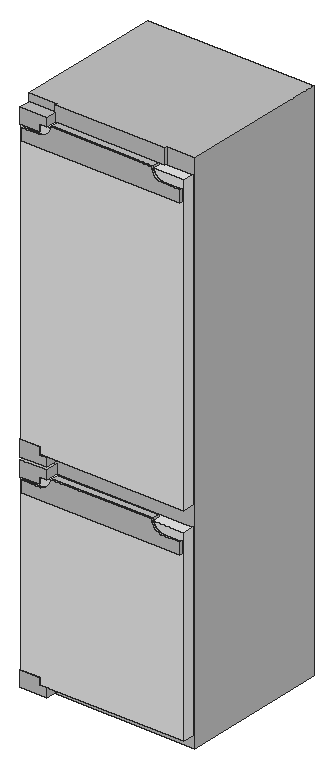
Revit family "FP_Revit_18_RB2470BLV1_Fridge_90001121A", category Specialty Equipment, Revit 2018
Family settings
  Round Connector Dimension = Use Diameter
  Part Type = Normal
  OmniClass Number = 23.40.40.11.11.17
  OmniClass Title = Refrigerator-Freezer
  Work Plane-Based = No
  Always vertical = Yes
  Cut with Voids When Loaded = Yes
  Shared = No
  Room Calculation Point = No
Parameters
  Visibility - Clearance Required = yes
  URL = "www.fisherpaykel.com"
  Stainless Steel Door Panels (RD2470BL) = no
  Product - Width = 555 mm  # constant formula
  Product - Height = 1773 mm  # constant formula
  Product - Depth = 540 mm  # constant formula
  Model = "RB2470BLV1"
  Material - Door Structure = Fisher & Paykel - White
  Material - Door Front = Fisher & Paykel - Stainless Steel
  Material - Body = Fisher & Paykel - Grey
  Manufacturer = "Fisher & Paykel Appliances"
  Handle Style - Contemporary Square (AHD3RD70B) = no
  Handle Style - Contemporary Round (AHSRD70B) = no
  Handle Offset (R=39mm - L=516mm) = 516 mm  # constant formula
  Floor Offset 18mm = 18 mm  # constant formula
  Description = "24\" Integrated Refrigerator Freezer"
  Connector Description - Electrical = "120 V, 60Hz, 10 A, fused electrical supply"
  Chassis - Width = 790 mm  # constant formula
  Chassis - Height = 1662 mm  # constant formula
  Chassis - Depth = 560 mm  # constant formula
  Cavity - Width (564mm - 570mm) = 570 mm  # constant formula
  Cavity - Height (1782mm to 1786mm) = 1786 mm
  Cavity - Depth = 550 mm  # constant formula
Reference planes
  plane 1 "Center (Front/Back)": y = 0
  plane 2: z = 0
  plane 3 "Center (Left/Right)": x = 0
  plane 4 "Product LHS": x = -277.5
  plane 5 "Product RHS": x = 277.5
  plane 6 "Cavity LHS": x = -285
  plane 7 "Cavity RHS": x = 285
  plane 8 "Cavity - Depth": y = 550
  plane 9 "Handle Offset": x = 238.5
  plane 10 "Product - Depth": y = 540
  plane 11 "Product - Height": z = 1791
  plane 12 "Cavity - Height": z = 1804
  plane 13 "Floor Offset 18mm": z = 18
  plane 14 "Door Panel 18mm": y = -18
Forms (mm)
  Extrusion 1, solid, material "Fisher & Paykel - Grey" <- "Material - Body"
    sketch origin (0, 0, 0) x (1, 0, 0) y (0, 0, 1)
      loop
        circle (237.542, 69) r 5
    from -560 to -540
  Extrusion 2, solid, material "Fisher & Paykel - Clearance Required", visible <- "Visibility - Clearance Required", detail levels coarse
    sketch origin (0, 0, 0) x (1, 0, 0) y (0, 1, 0)
      loop
        line (-285, 550) -> (-285, 0) -> (285, 0) -> (285, 550) -> (-285, 550)
    from 18 to 1804
  Extrusion 3, solid, material "Fisher & Paykel - Clearance Required", visible <- "Visibility - Clearance Required", detail levels coarse
    sketch origin (0, 0, 0) x (1, 0, 0) y (0, 1, 0)
      loop
        line (-301.5, -18) -> (-426.339, -607.936)
        arc (-426.339, -607.936) -> (78.191, -486.448) -> (301.5, -18) r 603
        line (301.5, -18) -> (-301.5, -18)
    from 0 to 1823
  Extrusion 4, solid, material "Fisher & Paykel - Grey" <- "Material - Body"
    sketch origin (0, 0, 0) x (1, 0, 0) y (0, 0, 1)
      loop
        line (-184, 1768) -> (-273.072, 1768) -> (-273.072, 1716.938) -> (-209, 1716.938) -> (-209, 1740) -> (-184, 1740) -> (-184, 1768)
      loop
        line (-184, 712) -> (-273.072, 712) -> (-273.072, 660.938) -> (-209, 660.938) -> (-209, 684) -> (-184, 684) -> (-184, 712)
      loop
        line (-184, 722) -> (-184, 750) -> (-209, 750) -> (-209, 773.062) -> (-273.072, 773.062) -> (-273.072, 722) -> (-184, 722)
      loop
        line (-184, 31) -> (-184, 59) -> (-209, 59) -> (-209, 82.062) -> (-273.072, 82.062) -> (-273.072, 31) -> (-184, 31)
    from -43 to -3
  Extrusion 5, solid, material "Fisher & Paykel - White" <- "Material - Door Structure"
    sketch origin (0, 0, 0) x (1, 0, 0) y (0, 0, 1)
      loop
        line (-209, 1740) -> (-209, 1716.938) -> (-273.072, 1716.938) -> (-273.072, 773.062) -> (-209, 773.062) -> (-209, 750) -> (273.072, 750) -> (273.072, 1740) -> (-209, 1740)
      loop
        line (-209, 684) -> (-209, 660.938) -> (-273.072, 660.938) -> (-273.072, 82.062) -> (-209, 82.062) -> (-209, 59) -> (273.072, 59) -> (273.072, 684) -> (-209, 684)
    from -43 to -6
  Extrusion 6, solid, material "Fisher & Paykel - Grey" <- "Material - Body"
    sketch origin (0, 0, 0) x (1, 0, 0) y (0, 0, 1)
      loop
        line (-264, 1672.5) -> (264, 1672.5) -> (264, 1711.484) -> (200.848, 1711.484)
        arc (200.848, 1711.484) -> (180.337, 1721.414) -> (169, 1741.183) r 38.602
        line (169, 1741.183) -> (169, 1746.6) -> (-169, 1746.6) -> (-169, 1741.183)
        arc (-169, 1741.183) -> (-180.337, 1721.414) -> (-200.848, 1711.484) r 38.602
        line (-200.848, 1711.484) -> (-264, 1711.484) -> (-264, 1672.5)
      loop
        line (-264, 616.5) -> (264, 616.5) -> (264, 655.484) -> (200.848, 655.484)
        arc (200.848, 655.484) -> (180.337, 665.413) -> (169, 685.183) r 38.602
        line (169, 685.183) -> (169, 690.6) -> (-169, 690.6) -> (-169, 685.183)
        arc (-169, 685.183) -> (-180.337, 665.413) -> (-200.848, 655.484) r 38.602
        line (-200.848, 655.484) -> (-264, 655.484) -> (-264, 616.5)
    from -6 to 0
  Extrusion 7, solid, material "Fisher & Paykel - Grey" <- "Material - Body"
    sketch origin (0, 0, 0) x (0, 1, 0) y (0, 0, 1)
      loop
        line (6, 690.6) -> (6, 684) -> (27.955, 684) -> (27.955, 690.6) -> (6, 690.6)
      loop
        line (6, 1746.6) -> (6, 1740) -> (27.955, 1740) -> (27.955, 1746.6) -> (6, 1746.6)
    from -169.035 to 169.035
  Extrusion 8, solid, material "Fisher & Paykel - Grey" <- "Material - Body"
    sketch origin (0, 0, 0) x (1, 0, 0) y (0, 0, 1)
      loop
        line (-184, 1791) -> (-184, 1740) -> (184, 1740) -> (184, 1791) -> (-184, 1791)
    from -43 to -37
  Extrusion 9, solid, material "Fisher & Paykel - Stainless Steel" <- "Material - Door Front", visible <- "Stainless Steel Door Panels (RD2470BL)"
    sketch origin (0, 0, 0) x (1, 0, 0) y (0, 0, 1)
      loop
        arc (-297.5, 1820) -> (-302.45, 1817.95) -> (-304.5, 1813) r 7
        line (-304.5, 1813) -> (-304.5, 729)
        arc (-304.5, 729) -> (-302.45, 724.05) -> (-297.5, 722) r 7
        line (-297.5, 722) -> (291.5, 722)
        arc (291.5, 722) -> (296.45, 724.05) -> (298.5, 729) r 7
        line (298.5, 729) -> (298.5, 1813)
        arc (298.5, 1813) -> (296.45, 1817.95) -> (291.5, 1820) r 7
        line (291.5, 1820) -> (-297.5, 1820)
      loop
        arc (-297.5, 719) -> (-302.45, 716.95) -> (-304.5, 712) r 7
        line (-304.5, 712) -> (-304.5, 10)
        arc (-304.5, 10) -> (-302.45, 5.05) -> (-297.5, 3) r 7
        line (-297.5, 3) -> (291.5, 3)
        arc (291.5, 3) -> (296.45, 5.05) -> (298.5, 10) r 7
        line (298.5, 10) -> (298.5, 712)
        arc (298.5, 712) -> (296.45, 716.95) -> (291.5, 719) r 7
        line (291.5, 719) -> (-297.5, 719)
    from 0 to 18
  Extrusion 10, solid, material "Fisher & Paykel - Grey" <- "Material - Body"
    sketch origin (0, 0, 0) x (1, 0, 0) y (0, 1, 0)
      loop
        line (-277.5, 540) -> (-277.5, 43) -> (277.5, 43) -> (277.5, 540) -> (-277.5, 540)
    from 23 to 1791
  Extrusion 11, solid, material "Fisher & Paykel - Grey" <- "Material - Body"
    sketch origin (0, 0, 0) x (1, 0, 0) y (0, 1, 0)
      loop
        line (-272.5, 72) -> (-272.5, 53) -> (-242.5, 53) -> (-242.5, 72) -> (-272.5, 72)
      loop
        line (256.5, 496) -> (230.5, 496) -> (230.5, 414) -> (256.5, 414) -> (256.5, 496)
      loop
        line (272.5, 72) -> (242.5, 72) -> (242.5, 53) -> (272.5, 53) -> (272.5, 72)
      loop
        line (-256.5, 496) -> (-256.5, 414) -> (-230.5, 414) -> (-230.5, 496) -> (-256.5, 496)
    from 18 to 23
  Extrusion 12, void
    sketch origin (0, 0, 0) x (1, 0, 0) y (0, 1, 0)
      loop
        line (-285, 550) -> (-285, 0) -> (285, 0) -> (285, 550) -> (-285, 550)
    from 18 to 1804
Cuts and joins
  joined: Extrusion 8, Extrusion 10
Lines and regions (mm)
  model lines, style "Fisher & Paykel"
    curve 1: line (-297.5, 0, 1820) -> (291.5, 0, 1820)
    curve 2: line (-304.5, 0, 729) -> (-304.5, 0, 1813)
    curve 3: line (291.5, 0, 722) -> (-297.5, 0, 722)
    curve 4: line (298.5, 0, 1813) -> (298.5, 0, 729)
    curve 5: line (291.5, 0, 719) -> (-297.5, 0, 719)
    curve 6: line (298.5, 0, 10) -> (298.5, 0, 712)
    curve 7: line (-297.5, 0, 3) -> (291.5, 0, 3)
    curve 8: line (-304.5, 0, 712) -> (-304.5, 0, 10)
    curve 9: arc (-297.5, 0, 1820) -> (-302.45, 0, 1817.95) -> (-304.5, 0, 1813) r 7
    curve 10: arc (291.5, 0, 1820) -> (296.45, 0, 1817.95) -> (298.5, 0, 1813) r 7
    curve 11: arc (291.5, 0, 722) -> (296.45, 0, 724.05) -> (298.5, 0, 729) r 7
    curve 12: arc (298.5, 0, 712) -> (296.45, 0, 716.95) -> (291.5, 0, 719) r 7
    curve 13: arc (-297.5, 0, 719) -> (-302.45, 0, 716.95) -> (-304.5, 0, 712) r 7
    curve 14: arc (-304.5, 0, 729) -> (-302.45, 0, 724.05) -> (-297.5, 0, 722) r 7
    curve 15: arc (-304.5, 0, 10) -> (-302.45, 0, 5.05) -> (-297.5, 0, 3) r 7
    curve 16: arc (298.5, 0, 10) -> (296.45, 0, 5.05) -> (291.5, 0, 3) r 7
Text (mm)
  text "Due to ongoing product development, product details are subject to change without notice. \nPlease always refer to www.fisherpaykel.com for the most current product information. \n© Fisher & Paykel 2020" at (41.04, -623.295, 0), in view "Ref. Level (Plan)"
Dimensions and locks
  equal spacing: plane 4 "Product LHS", plane 3 "Center (Left/Right)", plane 5 "Product RHS"
  "Product - Width": plane 4 "Product LHS" to plane 5 "Product RHS"
  equal spacing: plane 6 "Cavity LHS", plane 3 "Center (Left/Right)", plane 7 "Cavity RHS"
  "Cavity - Width (564mm - 570mm)": plane 6 "Cavity LHS" to plane 7 "Cavity RHS"
  Extrusion 1 sketch curve to plane 5 "Product RHS" = 39.958 mm
  locked: Extrusion 9 to Extrusion 9 at 1098
  locked: Extrusion 9 to Extrusion 9 at 716
  locked: Extrusion 9 to level at 3
  locked: Extrusion 9 to Extrusion 9 at 3
  Extrusion 9 to level = 1820 mm
  locked: Extrusion 9 to Extrusion 9 at 603
  "Handle Offset (R=39mm - L=516mm)": plane 4 "Product LHS" to plane 9 "Handle Offset"
  "Floor Offset 18mm": plane 13 "Floor Offset 18mm" to level
  "Product - Height": plane 11 "Product - Height" to plane 13 "Floor Offset 18mm"
  "Cavity - Height (1782mm to 1786mm)": plane 12 "Cavity - Height" to plane 13 "Floor Offset 18mm"
  "Cavity - Depth": plane 8 "Cavity - Depth" to plane 1 "Center (Front/Back)"
  "Product - Depth": plane 10 "Product - Depth" to plane 1 "Center (Front/Back)"
  locked: plane 3 "Center (Left/Right)" to Extrusion 11 sketch curve at 230.5
  Extrusion 11 sketch curve to plane 3 "Center (Left/Right)" to Extrusion 11 sketch curve = 242.5 mm locked, 242.5 mm locked
  Extrusion 11 sketch curve to plane 3 "Center (Left/Right)" to Extrusion 11 sketch curve = 272.5 mm locked, 272.5 mm locked
  locked: Extrusion 11 sketch curve to Extrusion 11 sketch curve at 26  (x2)
  locked: Extrusion 11 sketch curve to Extrusion 11 sketch curve at 513
  locked: Extrusion 3 to Extrusion 9 at 3
  radius of Extrusion 1 sketch curve = 5 mm
  aligned and locked: level to plane 2
  aligned and locked: Extrusion 10 sketch curve to plane 4 "Product LHS"
  aligned and locked: Extrusion 10 sketch curve to plane 5 "Product RHS"
  aligned and locked: Extrusion 10 sketch curve to Extrusion 5
  aligned and locked: plane 10 "Product - Depth" to Extrusion 10
  aligned and locked: nested 2 to plane 9 "Handle Offset"
  aligned and locked: nested 1 to plane 9 "Handle Offset"
  aligned and locked: plane 11 "Product - Height" to Extrusion 10
Automatic sketch dimensions
  curve 8 to plane 13 "Floor Offset 18mm" = 8 mm
  plane 6 "Cavity LHS" to curve 8 = 19.5 mm
  curve 2 to curve 8 = 0 mm
  curve 9 to curve 1 = 7 mm
  curve 13 to curve 5 = 7 mm
  curve 8 to curve 15 = 7 mm
  curve 14 to curve 14 = 7 mm
  curve 3 to plane 7 "Cavity RHS" = 6.5 mm
  curve 1 to plane 7 "Cavity RHS" = 6.5 mm
  curve 12 to plane 7 "Cavity RHS" = 6.5 mm
  curve 16 to plane 7 "Cavity RHS" = 6.5 mm
  curve 12 to curve 6 = 7 mm
  curve 11 to curve 4 = 7 mm
  plane 13 "Floor Offset 18mm" to curve 8 = 694 mm
  curve 5 to curve 3 = 3 mm
  plane 12 "Cavity - Height" to curve 4 = 9 mm
  plane 13 "Floor Offset 18mm" to Extrusion 1 sketch curve = 51 mm
  plane 1 "Center (Front/Back)" to Extrusion 2 sketch curve = 0 mm
  Extrusion 2 sketch curve to plane 6 "Cavity LHS" = 0 mm
  Extrusion 2 sketch curve to plane 7 "Cavity RHS" = 0 mm
  Extrusion 2 sketch curve to plane 8 "Cavity - Depth" = 0 mm
  Extrusion 3 sketch curve to plane 14 "Door Panel 18mm" = 0 mm
  plane 6 "Cavity LHS" to Extrusion 3 sketch curve = 141.339 mm
  plane 6 "Cavity LHS" to Extrusion 3 sketch curve = 16.5 mm
  Extrusion 3 sketch curve to Extrusion 3 sketch curve = 0 mm
  Extrusion 3 sketch curve to plane 7 "Cavity RHS" = 16.5 mm
  Extrusion 4 sketch curve to plane 4 "Product LHS" = 4.428 mm  (x4)
  Extrusion 4 sketch curve to Extrusion 4 sketch curve = 64.072 mm  (x3)
  Extrusion 4 sketch curve to Extrusion 4 sketch curve = 0 mm  (x2)
  Extrusion 4 sketch curve to Extrusion 4 sketch curve = 25 mm  (x3)
  plane 13 "Floor Offset 18mm" to Extrusion 4 sketch curve = 13 mm
  Extrusion 4 sketch curve to Extrusion 4 sketch curve = 28 mm  (x3)
  Extrusion 4 sketch curve to Extrusion 4 sketch curve = 23.062 mm  (x3)
  Extrusion 4 sketch curve to Extrusion 4 sketch curve = 578.875 mm
  Extrusion 4 sketch curve to Extrusion 4 sketch curve = 10 mm
  Extrusion 4 sketch curve to Extrusion 4 sketch curve = 51.062 mm
  Extrusion 4 sketch curve to plane 11 "Product - Height" = 74.062 mm
  Extrusion 4 sketch curve to plane 11 "Product - Height" = 23 mm
  Extrusion 5 sketch curve to plane 4 "Product LHS" = 4.428 mm  (x2)
  Extrusion 5 sketch curve to Extrusion 5 sketch curve = 64.072 mm  (x4)
  plane 5 "Product RHS" to Extrusion 5 sketch curve = 4.428 mm  (x2)
  plane 13 "Floor Offset 18mm" to Extrusion 5 sketch curve = 41 mm
  plane 13 "Floor Offset 18mm" to Extrusion 5 sketch curve = 64.062 mm
  Extrusion 5 sketch curve to Extrusion 5 sketch curve = 578.875 mm
  Extrusion 5 sketch curve to Extrusion 5 sketch curve = 23.062 mm  (x2)
  Extrusion 5 sketch curve to Extrusion 5 sketch curve = 66 mm
  Extrusion 5 sketch curve to plane 11 "Product - Height" = 74.062 mm
  Extrusion 5 sketch curve to plane 11 "Product - Height" = 51 mm
  Extrusion 6 sketch curve to plane 4 "Product LHS" = 13.5 mm  (x2)
  Extrusion 6 sketch curve to Extrusion 6 sketch curve = 57.337 mm  (x2)
  Extrusion 6 sketch curve to Extrusion 6 sketch curve = 5.815 mm  (x2)
  Extrusion 6 sketch curve to Extrusion 6 sketch curve = 37.663 mm  (x2)
  plane 9 "Handle Offset" to Extrusion 6 sketch curve = 69.5 mm  (x2)
  plane 9 "Handle Offset" to Extrusion 6 sketch curve = 37.652 mm  (x2)
  plane 9 "Handle Offset" to Extrusion 6 sketch curve = 31.837 mm  (x2)
  plane 5 "Product RHS" to Extrusion 6 sketch curve = 13.5 mm  (x2)
  plane 13 "Floor Offset 18mm" to Extrusion 6 sketch curve = 598.5 mm
  Extrusion 6 sketch curve to Extrusion 6 sketch curve = 38.984 mm  (x4)
  Extrusion 6 sketch curve to Extrusion 6 sketch curve = 29.699 mm  (x4)
  Extrusion 6 sketch curve to Extrusion 6 sketch curve = 5.417 mm  (x2)
  Extrusion 6 sketch curve to plane 11 "Product - Height" = 118.5 mm
  Extrusion 7 sketch curve to plane 1 "Center (Front/Back)" = 6 mm  (x2)
  Extrusion 7 sketch curve to Extrusion 7 sketch curve = 21.955 mm  (x2)
  plane 13 "Floor Offset 18mm" to Extrusion 7 sketch curve = 666 mm
  Extrusion 7 sketch curve to Extrusion 7 sketch curve = 6.6 mm  (x2)
  Extrusion 7 sketch curve to plane 11 "Product - Height" = 51 mm
  Extrusion 8 sketch curve to plane 11 "Product - Height" = 0 mm
  Extrusion 8 sketch curve to plane 4 "Product LHS" = 93.5 mm
  plane 9 "Handle Offset" to Extrusion 8 sketch curve = 54.5 mm
  Extrusion 8 sketch curve to Extrusion 8 sketch curve = 51 mm
  plane 6 "Cavity LHS" to Extrusion 9 sketch curve = 19.5 mm
  Extrusion 9 sketch curve to Extrusion 9 sketch curve = 0 mm  (x2)
  Extrusion 9 sketch curve to Extrusion 9 sketch curve = 7 mm  (x5)
  Extrusion 9 sketch curve to plane 7 "Cavity RHS" = 6.5 mm  (x4)
  level to Extrusion 9 sketch curve = 3 mm
  plane 13 "Floor Offset 18mm" to Extrusion 9 sketch curve = 694 mm
  Extrusion 9 sketch curve to Extrusion 9 sketch curve = 3 mm
  plane 12 "Cavity - Height" to Extrusion 9 sketch curve = 9 mm
  Extrusion 10 sketch curve to plane 10 "Product - Depth" = 0 mm
  Extrusion 11 sketch curve to plane 1 "Center (Front/Back)" = 53 mm  (x2)
  Extrusion 11 sketch curve to Extrusion 11 sketch curve = 19 mm  (x2)
  Extrusion 11 sketch curve to plane 10 "Product - Depth" = 126 mm  (x2)
  Extrusion 11 sketch curve to plane 10 "Product - Depth" = 44 mm  (x2)
  plane 1 "Center (Front/Back)" to Extrusion 12 sketch curve = 0 mm
  Extrusion 12 sketch curve to plane 6 "Cavity LHS" = 0 mm
  Extrusion 12 sketch curve to plane 7 "Cavity RHS" = 0 mm
  Extrusion 12 sketch curve to plane 8 "Cavity - Depth" = 0 mm
Nested families
  nested 1: "F&P Handle Contemporary Square - RB2470B" at (238.5, -18, 59), visible <- "Handle Style - Contemporary Square (AHD3RD70B)", type "F&P Handle Contemporary Square - RB2470B"
  nested 2: "F&P Handle Contemporary Round - RB2470B" at (238.5, -18, 59), visible <- "Handle Style - Contemporary Round (AHSRD70B)", type "F&P Handle Contemporary Round - RB2470B"
  nested 3: "Visibility Control Note 18" at (0, 0, 0), type "Visibility Control Note 18"
Connectors
  electrical at (237.542, 560, 69), driven by "Connector Description - Electrical"
    settings: on Extrusion 1, index 2, voltage 120 V, apparent load 0 VA, apparent load phase1 0 VA, apparent load phase2 0 VA, apparent load phase3 0 VA, power factor 1, load classification "Other", number of poles 1, system type 30, power factor state 1, is connector primary yes, connector utility no, sub classification motor no, connector description "120 V, 60Hz, 10 A, fused electrical supply"
Definition of nested family "F&P Handle Contemporary Square - RB2470B"
  Parameters (values of type "F&P Handle Contemporary Square - RB2470B")
    URL = "www.fisherpaykel.com"
    Material - Handle = none
    Manufacturer = "Fisher & Paykel Appliances"
    Connector Description - Water = ""
    Connector Description - Electrical = ""
  Reference planes
    plane 1 "Center (Front/Back)": y = 0
    plane 2: z = 0
    plane 3 "Center (Left/Right)": x = 0
  Forms (mm)
    Extrusion 1, solid, material <- "Material - Handle", detail levels fine
      sketch origin (0, 0, 0) x (1, 0, 0) y (0, 1, 0)
        loop
          arc (-7.7, -27.749) -> (0.04, -25.059) -> (7.7, -27.971) r 11.986
          line (7.7, -27.971) -> (7.7, 0) -> (-7.7, 0) -> (-7.7, -27.749)
      from 270 to 369.973
    Extrusion 2, solid, material <- "Material - Handle", detail levels fine
      sketch origin (0, 0, 0) x (1, 0, 0) y (0, 1, 0)
        loop
          arc (-7.7, -27.749) -> (0.04, -25.059) -> (7.7, -27.971) r 11.986
          line (7.7, -27.971) -> (7.7, 0) -> (-7.7, 0) -> (-7.7, -27.749)
      from 600.023 to 644.1
    Extrusion 3, solid, material <- "Material - Handle", detail levels fine
      sketch origin (0, 0, 0) x (1, 0, 0) y (0, 1, 0)
        loop
          arc (-7.7, -27.749) -> (0.04, -25.059) -> (7.7, -27.971) r 11.986
          line (7.7, -27.971) -> (7.7, 0) -> (-7.7, 0) -> (-7.7, -27.749)
      from 679 to 722.973
    Extrusion 4, solid, material <- "Material - Handle", detail levels fine
      sketch origin (0, 0, 0) x (1, 0, 0) y (0, 1, 0)
        loop
          arc (-7.7, -27.749) -> (0.04, -25.059) -> (7.7, -27.971) r 11.986
          line (7.7, -27.971) -> (7.7, 0) -> (-7.7, 0) -> (-7.7, -27.749)
      from 1191.023 to 1291
    Extrusion 5, solid, material <- "Material - Handle", detail levels fine
      sketch origin (0, 0, 0) x (1, 0, 0) y (0, 1, 0)
        loop
          arc (-8, -39.496) -> (-7.559, -40.559) -> (-6.496, -41) r 1.504
          line (-6.496, -41) -> (6.5, -41)
          arc (6.5, -41) -> (7.561, -40.561) -> (8, -39.5) r 1.5
          line (8, -39.5) -> (8, -28.788)
          arc (8, -28.788) -> (7.908, -28.369) -> (7.649, -28.028) r 1
          arc (7.649, -28.028) -> (0.055, -25.159) -> (-7.625, -27.788) r 11.986
          arc (-7.625, -27.788) -> (-7.901, -28.136) -> (-8, -28.569) r 1
          line (-8, -28.569) -> (-8, -39.496)
      from 679 to 1291
    Extrusion 6, solid, material <- "Material - Handle", detail levels fine
      sketch origin (0, 0, 0) x (1, 0, 0) y (0, 1, 0)
        loop
          arc (-8, -39.496) -> (-7.559, -40.559) -> (-6.496, -41) r 1.504
          line (-6.496, -41) -> (6.5, -41)
          arc (6.5, -41) -> (7.561, -40.561) -> (8, -39.5) r 1.5
          line (8, -39.5) -> (8, -28.788)
          arc (8, -28.788) -> (7.908, -28.369) -> (7.649, -28.028) r 1
          arc (7.649, -28.028) -> (0.055, -25.159) -> (-7.625, -27.788) r 11.986
          arc (-7.625, -27.788) -> (-7.901, -28.136) -> (-8, -28.569) r 1
          line (-8, -28.569) -> (-8, -39.496)
      from 270 to 644.1
    Sweep 7, void
      path in 3D
        loop
          line (-8, -28.569, 1291) -> (-8, -39.496, 1291)
          arc (-8, -39.496, 1291) -> (-7.559, -40.559, 1291) -> (-6.496, -41, 1291) r 1.504
          line (-6.496, -41, 1291) -> (6.5, -41, 1291)
          arc (6.5, -41, 1291) -> (7.561, -40.561, 1291) -> (8, -39.5, 1291) r 1.5
          line (8, -39.5, 1291) -> (8, -28.788, 1291)
      profile origin (8, -34.144, 1291) x (-1, 0, 0) y (0, 0, 1)
        loop
          line (0, 0) -> (0, -1.2) -> (1.2, 0) -> (0, 0)
    Extrusion 8, void
      sketch origin (0, 0, 0) x (1, 0, 0) y (0, 0, 1)
        loop
          line (6.8, 1291) -> (8, 1289.8) -> (8, 1291) -> (6.8, 1291)
        loop
          line (-6.8, 1291) -> (-8, 1291) -> (-8, 1289.8) -> (-6.8, 1291)
      from 0 to 41
    Sweep 9, void
      path in 3D
        loop
          line (-8, -28.569, 644.1) -> (-8, -39.496, 644.1)
          arc (-8, -39.496, 644.1) -> (-7.559, -40.559, 644.1) -> (-6.496, -41, 644.1) r 1.504
          line (-6.496, -41, 644.1) -> (6.5, -41, 644.1)
          arc (6.5, -41, 644.1) -> (7.561, -40.561, 644.1) -> (8, -39.5, 644.1) r 1.5
          line (8, -39.5, 644.1) -> (8, -28.788, 644.1)
      profile origin (8, -34.144, 644.1) x (-1, 0, 0) y (0, 0, 1)
        loop
          line (0, 0) -> (0, -1.2) -> (1.2, 0) -> (0, 0)
    Extrusion 10, void
      sketch origin (0, 0, 10.1) x (1, 0, 0) y (0, 0, 1)
        loop
          line (6.8, 634) -> (8, 632.8) -> (8, 634) -> (6.8, 634)
        loop
          line (-6.8, 634) -> (-8, 634) -> (-8, 632.8) -> (-6.8, 634)
      from 0 to 41
    Extrusion 11, solid, material <- "Material - Handle", detail levels coarse+medium
      sketch origin (0, 0, 0) x (0, 1, 0) y (0, 0, 1)
        loop
          line (0, 1291) -> (-41, 1291) -> (-41, 679) -> (0, 679) -> (0, 722.973) -> (-25.058, 722.973) -> (-25.058, 1191.023) -> (0, 1191.023) -> (0, 1291)
        loop
          line (0, 644.1) -> (-41, 644.1) -> (-41, 270) -> (0, 270) -> (0, 369.973) -> (-25, 369.973) -> (-25, 600.023) -> (0, 600.023) -> (0, 644.1)
      from -8 to 8
  Cuts and joins
    Sweep 7, Extrusion 8 cuts Extrusion 5
    Extrusion 8 cuts Extrusion 4
    Sweep 9, Extrusion 10 cuts Extrusion 6
    Extrusion 10 cuts Extrusion 2
  Lines and regions (mm)
    sketch lines
      curve 1: line (8, -39.5, 1291) -> (8, -28.788, 1291)
      curve 2: arc (8, -39.5, 1291) -> (7.561, -40.561, 1291) -> (6.5, -41, 1291) r 1.5
      curve 3: line (-6.496, -41, 1291) -> (6.5, -41, 1291)
      curve 4: arc (-6.496, -41, 1291) -> (-7.559, -40.559, 1291) -> (-8, -39.496, 1291) r 1.504
      curve 5: line (-8, -28.569, 1291) -> (-8, -39.496, 1291)
      curve 6: line (8, -39.5, 644.1) -> (8, -28.788, 644.1)
      curve 7: arc (8, -39.5, 644.1) -> (7.561, -40.561, 644.1) -> (6.5, -41, 644.1) r 1.5
      curve 8: arc (-6.496, -41, 644.1) -> (-7.559, -40.559, 644.1) -> (-8, -39.496, 644.1) r 1.504
      curve 9: line (-8, -28.569, 644.1) -> (-8, -39.496, 644.1)
      curve 10: line (-6.496, -41, 644.1) -> (6.5, -41, 644.1)
  Dimensions and locks
    aligned and locked: level to plane 2
    aligned and locked: Extrusion 6 to Extrusion 1
Definition of nested family "F&P Handle Contemporary Round - RB2470B"
  Parameters (values of type "F&P Handle Contemporary Round - RB2470B")
    URL = "www.fisherpaykel.com"
    Material - Handle = none
    Manufacturer = "Fisher & Paykel Appliances"
    Connector Description - Water = ""
    Connector Description - Electrical = ""
  Reference planes
    plane 1 "Center (Front/Back)": y = 0
    plane 2: z = 0
    plane 3 "Center (Left/Right)": x = 0
  Forms (mm)
    Extrusion 1, solid, material <- "Material - Handle"
      sketch origin (0, 0, 0) x (1, 0, 0) y (0, 1, 0)
        loop
          arc (-8.7, -32.3) -> (0, -41) -> (8.7, -32.3) r 8.7
          line (8.7, -32.3) -> (8.7, 0) -> (-8.7, 0) -> (-8.7, -32.3)
      from 270 to 369.973
    Extrusion 2, solid, material <- "Material - Handle", detail levels fine
      sketch origin (0, 0, 0) x (1, 0, 0) y (0, 1, 0)
        loop
          arc (-8.7, -32.3) -> (0, -41) -> (8.7, -32.3) r 8.7
          line (8.7, -32.3) -> (8.7, 0) -> (-8.7, 0) -> (-8.7, -32.3)
      from 600.023 to 644.1
    Extrusion 3, solid, material <- "Material - Handle"
      sketch origin (0, 0, 0) x (1, 0, 0) y (0, 1, 0)
        loop
          arc (-8.7, -32.3) -> (0, -41) -> (8.7, -32.3) r 8.7
          line (8.7, -32.3) -> (8.7, 0) -> (-8.7, 0) -> (-8.7, -32.3)
      from 679 to 722.973
    Extrusion 4, solid, material <- "Material - Handle", detail levels fine
      sketch origin (0, 0, 0) x (1, 0, 0) y (0, 1, 0)
        loop
          arc (-8.7, -32.3) -> (0, -41) -> (8.7, -32.3) r 8.7
          line (8.7, -32.3) -> (8.7, 0) -> (-8.7, 0) -> (-8.7, -32.3)
      from 1191.023 to 1291
    Extrusion 5, solid, material <- "Material - Handle"
      sketch origin (0, 0, 0) x (1, 0, 0) y (0, 1, 0)
        loop
          circle (0, -32.3) r 8.7
      from 722.973 to 1191.023
    Extrusion 6, solid, material <- "Material - Handle"
      sketch origin (0, 0, 0) x (1, 0, 0) y (0, 1, 0)
        loop
          circle (0, -32.3) r 8.7
      from 369.973 to 600.023
    Extrusion 7, solid, material <- "Material - Handle", detail levels coarse+medium
      sketch origin (0, 0, 0) x (1, 0, 0) y (0, 1, 0)
        loop
          arc (-8.7, -32.3) -> (0, -41) -> (8.7, -32.3) r 8.7
          line (8.7, -32.3) -> (8.7, 0) -> (-8.7, 0) -> (-8.7, -32.3)
      from 600.023 to 644.1
    Extrusion 8, solid, material <- "Material - Handle", detail levels coarse+medium
      sketch origin (0, 0, 0) x (1, 0, 0) y (0, 1, 0)
        loop
          arc (-8.7, -32.3) -> (0, -41) -> (8.7, -32.3) r 8.7
          line (8.7, -32.3) -> (8.7, 0) -> (-8.7, 0) -> (-8.7, -32.3)
      from 1191.023 to 1291
    Sweep 9, void
      path in 3D
        loop
          line (-8.7, 0, 1291) -> (-8.7, -32.3, 1291)
          arc (-8.7, -32.3, 1291) -> (0, -41, 1291) -> (8.7, -32.3, 1291) r 8.7
          line (8.7, -32.3, 1291) -> (8.7, 0, 1291)
      profile origin (8.7, -16.15, 1291) x (-1, 0, 0) y (0, 0, 1)
        loop
          line (0, 0) -> (0, -1) -> (1, 0) -> (0, 0)
    Sweep 10, void
      path in 3D
        loop
          line (-8.7, 0, 644.1) -> (-8.7, -32.3, 644.1)
          arc (-8.7, -32.3, 644.1) -> (0, -41, 644.1) -> (8.7, -32.3, 644.1) r 8.7
          line (8.7, -32.3, 644.1) -> (8.7, 0, 644.1)
      profile origin (8.7, -16.15, 644.1) x (-1, 0, 0) y (0, 0, 1)
        loop
          line (0, 0) -> (0, -1) -> (1, 0) -> (0, 0)
  Cuts and joins
    Sweep 9 cuts Extrusion 4
    Sweep 10 cuts Extrusion 2
  Lines and regions (mm)
    sketch lines
      curve 1: line (8.7, -32.3, 1291) -> (8.7, 0, 1291)
      curve 2: arc (8.7, -32.3, 1291) -> (0, -41, 1291) -> (-8.7, -32.3, 1291) r 8.7
      curve 3: line (-8.7, 0, 1291) -> (-8.7, -32.3, 1291)
      curve 4: line (8.7, -32.3, 644.1) -> (8.7, 0, 644.1)
      curve 5: arc (8.7, -32.3, 644.1) -> (0, -41, 644.1) -> (-8.7, -32.3, 644.1) r 8.7
      curve 6: line (-8.7, 0, 644.1) -> (-8.7, -32.3, 644.1)
  Dimensions and locks
    aligned and locked: level to plane 2
Definition of nested family "Visibility Control Note 18"
  Reference planes
    plane 1: y = 0
    plane 2: x = 0
  Text (mm)
    text "Edit Type: \nTo control handle kit \nand door panel visibility\n options\n\nDelete unwanted kits \nto reduce file size" at (-0.165, 35.556, 0)
